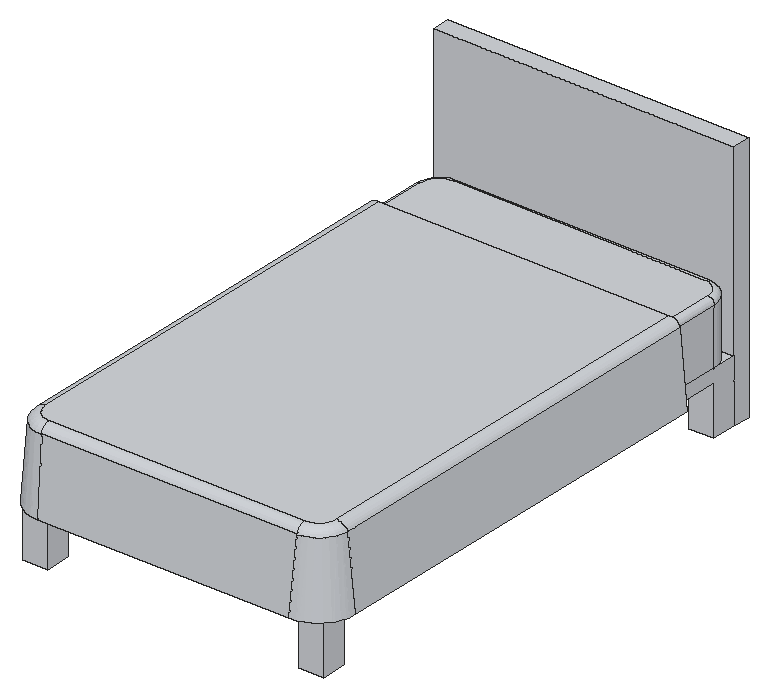
Revit family "Twin_Bed", category Furniture, Revit 2021
Family settings
  OmniClass Number = 23.40.20.00
  OmniClass Title = General Furniture and Specialties
  Work Plane-Based = No
  Always vertical = Yes
  Cut with Voids When Loaded = No
  Shared = No
  Room Calculation Point = No
Parameters
  Width = 120.00 cm
  Matress Material = none
  Length = 205.00 cm
  Height = 50.00 cm
  Frame Material = none
  Frame Height = 100.00 cm
  Frame = yes
  Default Elevation = 0.00 cm
  Blanket-fresh [instance] = no
  Blanket Material = none
  Blanket Height = Height - 18.00 cm  # 32.00 cm
  Blanket [instance] = yes
  Base Material = none
Reference planes (cm)
  plane 1 "Center Front/Back": y = 0
  plane 2: z = 0
  plane 3 "Center Left/Right": x = 0
Forms (cm)
  Extrusion 1, solid, material <- "Base Material"
    sketch origin (0, 0, 0) x (1, 0, 0) y (0, 1, 0)
      loop
        line (-60, 0) -> (-60, -205) -> (60, -205) -> (60, 0) -> (-60, 0)
    from 0 to 25
  Extrusion 2, void
    sketch origin (0, 0, 0) x (1, 0, 0) y (0, 1, 0)
      loop
        line (-50, -205) -> (50, -205) -> (50, -195) -> (60, -195) -> (60, -10) -> (50, -10) -> (50, 0) -> (-50, 0) -> (-50, -10) -> (-60, -10) -> (-60, -195) -> (-50, -195) -> (-50, -205)
    from 0 to 20
  Extrusion 3, solid, material <- "Matress Material"
    sketch origin (0, 0, 25) x (1, 0, 0) y (0, 1, 0)
      loop
        line (50, 0) -> (-50, 0)
        arc (-50, 0) -> (-57.0711, -2.9289) -> (-60, -10) r 10
        line (-60, -10) -> (-60, -195)
        arc (-60, -195) -> (-57.0711, -202.0711) -> (-50, -205) r 10
        line (-50, -205) -> (50, -205)
        arc (50, -205) -> (57.0711, -202.0711) -> (60, -195) r 10
        line (60, -195) -> (60, -10)
        arc (60, -10) -> (57.0711, -2.9289) -> (50, 0) r 10
    from 0 to 25
  Sweep 4, void
    path in 3D
      loop
        arc (-50, 0, 50) -> (-57.0711, -2.9289, 50) -> (-60, -10, 50) r 10
        line (-60, -10, 50) -> (-60, -195, 50)
        arc (-60, -195, 50) -> (-57.0711, -202.0711, 50) -> (-50, -205, 50) r 10
        line (-50, -205, 50) -> (50, -205, 50)
        arc (50, -205, 50) -> (57.0711, -202.0711, 50) -> (60, -195, 50) r 10
        line (60, -195, 50) -> (60, -10, 50)
        arc (60, -10, 50) -> (57.0711, -2.9289, 50) -> (50, 0, 50) r 10
        line (50, 0, 50) -> (-50, 0, 50)
    profile origin (0, 0, 50) x (0, -1, 0) y (0, 0, 1)
      loop
        line (2.5, 0.3846) -> (-0.3846, 0.3846) -> (-0.3846, -2.5) -> (0, -2.5)
        arc (0, -2.5) -> (0.7322, -0.7322) -> (2.5, 0) r 2.5
        line (2.5, 0) -> (2.5, 0.3846)
  Sweep 5, solid, material <- "Blanket Material", visible <- "Blanket-fresh", detail levels fine
    path origin (0, 0, 50) x (0, -1, 0) y (0, 0, -1)
      loop
        line (10, 0) -> (202, 0)
    profile origin (0, -106, 50) x (0, 0, -1) y (1, 0, 0)
      loop
        line (0, -57) -> (0, 57)
        arc (0, 57) -> (0.8787, 59.1213) -> (3, 60) r 3
        line (3, 60) -> (30, 60) -> (30, 61) -> (3, 61)
        arc (3, 61) -> (0.1716, 59.8284) -> (-1, 57) r 4
        line (-1, 57) -> (-1, -57)
        arc (-1, -57) -> (0.1716, -59.8284) -> (3, -61) r 4
        line (3, -61) -> (30, -61) -> (30, -60) -> (3, -60)
        arc (3, -60) -> (0.8787, -59.1213) -> (0, -57) r 3
  Blend 6, solid, material <- "Blanket Material", visible <- "Blanket", detail levels fine
    base sketch origin (0, 0, 20) x (0, 1, 0) y (-1, 0, 0)
      loop
        line (-30, 65) -> (-195, 65)
        arc (-195, 65) -> (-205.6066, 60.6066) -> (-210, 50) r 15
        line (-210, 50) -> (-210, -50)
        arc (-210, -50) -> (-205.6066, -60.6066) -> (-195, -65) r 15
        line (-195, -65) -> (-30, -65) -> (-30, 65)
    top sketch origin (0, 0, 20) x (0, 1, 0) y (-1, 0, 0)
      loop
        line (-30, 62) -> (-196, 62)
        arc (-196, 62) -> (-203.7782, 58.7782) -> (-207, 51) r 11
        line (-207, 51) -> (-207, -51)
        arc (-207, -51) -> (-203.7782, -58.7782) -> (-196, -62) r 11
        line (-196, -62) -> (-30, -62) -> (-30, 62)
    from 0 to 32
  Sweep 7, void
    path in 3D
      loop
        line (62, -30, 52) -> (62, -196, 52)
        arc (62, -196, 52) -> (58.7782, -203.7782, 52) -> (51, -207, 52) r 11
        line (51, -207, 52) -> (-51, -207, 52)
        arc (-51, -207, 52) -> (-58.7782, -203.7782, 52) -> (-62, -196, 52) r 11
        line (-62, -196, 52) -> (-62, -30, 52)
    profile origin (62, -113, 52) x (1, 0, 0) y (0, 0, 1)
      loop
        line (0.5644, -4.5156) -> (2.0644, -4.5156) -> (2.0644, 0.9844) -> (-3.9511, 0.9844) -> (-3.9511, 0)
        arc (-3.9511, 0) -> (-0.7581, -1.3226) -> (0.5644, -4.5156) r 4.5156
  Extrusion 8, solid, material <- "Frame Material", visible <- "Frame"
    sketch origin (-75, 0, 50) x (1, 0, 0) y (0, 0, 1)
      loop
        line (135, -50) -> (135, 50) -> (15, 50) -> (15, -50) -> (25, -50) -> (25, -30) -> (125, -30) -> (125, -50) -> (135, -50)
    from 0 to -7
Cuts and joins
  Extrusion 2, Sweep 4 cuts Extrusion 1
  Sweep 4 cuts Extrusion 3
  Sweep 7 cuts Sweep 5
  Sweep 7 cuts Blend 6
Lines and regions (cm)
  reference lines
    curve 1: line (-60, 0, 0) -> (-60, -230, 0)
    curve 2: line (60, 0, 0) -> (60, -230, 0)
    curve 3: line (-90, -205, 0) -> (90, -205, 0)
    curve 4: line (-75, 0, 50) -> (75, 0, 50)
    curve 13: line (0, 0, 50) -> (0, -270, 50)
  sketch lines
    curve 5: line (50, 0, 50) -> (-50, 0, 50)
    curve 6: arc (50, 0, 50) -> (57.0711, -2.9289, 50) -> (60, -10, 50) r 10
    curve 7: line (60, -195, 50) -> (60, -10, 50)
    curve 8: arc (60, -195, 50) -> (57.0711, -202.0711, 50) -> (50, -205, 50) r 10
    curve 9: line (-50, -205, 50) -> (50, -205, 50)
    curve 10: arc (-50, -205, 50) -> (-57.0711, -202.0711, 50) -> (-60, -195, 50) r 10
    curve 11: line (-60, -10, 50) -> (-60, -195, 50)
    curve 12: arc (-60, -10, 50) -> (-57.0711, -2.9289, 50) -> (-50, 0, 50) r 10
    curve 14: line (62, -30, 52) -> (62, -196, 52)
    curve 15: arc (62, -196, 52) -> (58.7782, -203.7782, 52) -> (51, -207, 52) r 11
    curve 16: line (51, -207, 52) -> (-51, -207, 52)
    curve 17: arc (-51, -207, 52) -> (-58.7782, -203.7782, 52) -> (-62, -196, 52) r 11
    curve 18: line (-62, -196, 52) -> (-62, -30, 52)
  model lines
    curve 19: line (60, -5, 0) -> (-60, -5, 0)
  symbolic lines
    curve 20: line (45, -5, 0) -> (-45, -5, 0)
    curve 21: line (-45, -5, 0) -> (-45, -40, 0)
    curve 22: line (45, -40, 0) -> (45, -5, 0)
    curve 23: line (-45, -40, 0) -> (45, -40, 0)
    curve 24: line (60, -45, 0) -> (-60, -45, 0)
    curve 25: line (60, -45, 0) -> (60, -65.7781, 0)
    curve 26: line (-60, -45, 0) -> (60, -65.7781, 0)
Dimensions and locks (cm)
  equal spacing: curve 1, plane 3 "Center Left/Right", curve 2
  "Width": curve 1 to curve 2
  "Length": curve 3 to plane 1 "Center Front/Back"
  "Height": curve 4 to level
  locked: Extrusion 2 sketch curve to Extrusion 2 sketch curve at 10  (x8)
  "Height": curve 13 to level
  Sweep 5 to plane 1 "Center Front/Back" = 10.00 cm
  locked: Blend 6 sketch curve to curve 1 at 5
  locked: curve 2 to Blend 6 sketch curve at 5
  locked: Blend 6 sketch curve to curve 3 at 5
  "Blanket Height": Blend 6 to Blend 6
  Blend 6 sketch curve to curve 1 = 2.00 cm
  Blend 6 sketch curve to curve 2 = 2.00 cm
  Blend 6 sketch curve to curve 3 = 2.00 cm
  "Frame Height": level to Extrusion 8 sketch curve
  locked: curve 1 to curve 21 at 15
  locked: curve 22 to curve 2 at 15
  locked: curve 20 to plane 1 "Center Front/Back" at 5
  locked: curve 20 to curve 23 at 35
  locked: plane 1 "Center Front/Back" to curve 24 at 45
  aligned and locked: level to plane 2
  aligned and locked: Extrusion 1 sketch curve to curve 1
  aligned and locked: Extrusion 1 sketch curve to curve 2
  aligned and locked: Extrusion 1 sketch curve to plane 1 "Center Front/Back"
  aligned and locked: curve 3 to Extrusion 1 sketch curve
  aligned and locked: curve 3 to Extrusion 2 sketch curve
  aligned and locked: Extrusion 2 sketch curve to plane 1 "Center Front/Back"
  aligned and locked: curve 1 to Extrusion 2 sketch curve
  aligned and locked: curve 2 to Extrusion 2 sketch curve
  aligned and locked: Extrusion 3 sketch curve to plane 1 "Center Front/Back"
  aligned and locked: curve 3 to Extrusion 3 sketch curve
  aligned and locked: curve 1 to Extrusion 3 sketch curve
  aligned and locked: curve 2 to Extrusion 3 sketch curve
  aligned and locked: Extrusion 3 to curve 4
  aligned and locked: curve 13 to Sweep 5 sketch curve
  aligned and locked: cut or joined group of Extrusion 1, Extrusion 2, Sweep 4 to Sweep 5 sketch curve  (x4)
  aligned and locked: Sweep 5 sketch curve to cut or joined group of Extrusion 1, Extrusion 2, Sweep 4  (x3)
  aligned and locked: Extrusion 8 sketch curve to cut or joined group of Extrusion 1, Extrusion 2, Sweep 4  (x4)
  aligned and locked: cut or joined group of Extrusion 1, Extrusion 2, Sweep 4 to Extrusion 8 sketch curve
  aligned and locked: level to Extrusion 8 sketch curve
  aligned and locked: Extrusion 8 to plane 1 "Center Front/Back"
  aligned and locked: cut or joined group of Extrusion 3, Sweep 4 to curve 2
  aligned and locked: curve 24 to curve 26
Automatic sketch dimensions
  Extrusion 3 sketch curve to Extrusion 1 = 10.00 cm  (x3)
  Extrusion 3 sketch curve to Extrusion 3 sketch curve = 10.00 cm
  Sweep 4 sketch curve to profile plane = 0.00 cm  (x2)
  profile plane to Sweep 4 sketch curve = 0.3846 cm  (x2)
  Sweep 4 sketch curve to Sweep 4 sketch curve = 2.50 cm
  Sweep 5 sketch curve to Sweep 5 sketch curve = 0.00 cm  (x4)
  Sweep 5 sketch curve to profile plane = 0.00 cm
  Sweep 5 sketch curve to Sweep 5 sketch curve = 1.00 cm
  Sweep 5 sketch curve to profile plane = 3.00 cm  (x2)
  Sweep 5 sketch curve to curve 13 = 68.00 cm
  Extrusion 2 to Blend 6 sketch curve = 20.00 cm  (x2)
  Extrusion 2 to Blend 6 sketch curve = 0.00 cm
  Blend 6 sketch curve to Extrusion 2 = 0.00 cm
  Blend 6 sketch curve to Extrusion 2 = 1.00 cm  (x2)
  Sweep 7 sketch curve to profile plane = 2.0644 cm
  profile plane to Sweep 7 sketch curve = 0.9844 cm
  profile plane to Sweep 7 sketch curve = 3.9511 cm
  Sweep 7 sketch curve to profile plane = 0.5644 cm
  Sweep 7 sketch curve to profile plane = 0.00 cm
  plane 1 "Center Front/Back" to curve 19 = 5.00 cm
  curve 19 to curve 20 = 15.00 cm
  curve 26 to curve 21 = 15.00 cm
  curve 26 to curve 22 = 25.7781 cm
  curve 20 to curve 19 = 15.00 cm
  curve 22 to curve 25 = 15.00 cm
  plane 1 "Center Front/Back" to curve 2 = 0.00 cm
  plane 1 "Center Front/Back" to curve 1 = 0.00 cm
  curve 3 to curve 1 = 30.00 cm
  curve 2 to curve 3 = 30.00 cm
  curve 2 to curve 3 = 25.00 cm
  curve 1 to curve 3 = 25.00 cm
  curve 4 to plane 3 "Center Left/Right" = 75.00 cm
  plane 3 "Center Left/Right" to curve 4 = 75.00 cm
  curve 13 to plane 1 "Center Front/Back" = 0.00 cm
  plane 1 "Center Front/Back" to curve 13 = 270.00 cm
  Extrusion 8 sketch curve to Extrusion 8 sketch curve = 20.00 cm
